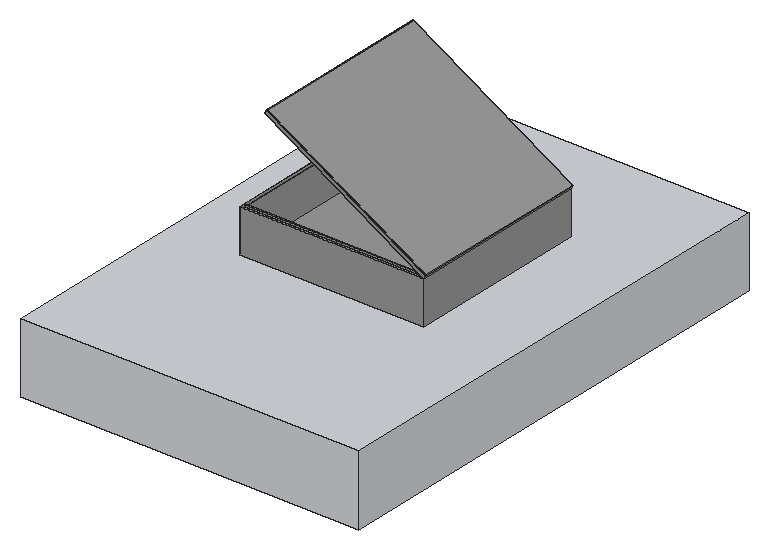
Revit family "Hager-Univers-IP44-D205-H800-Cl.II-Encl-PL-en", category Equipement électrique, Revit 2020
Family settings
  Hôte = Face
  Configuration du panneau = Deux colonnes, circuits au sein
  Cote de connecteur circulaire = Utiliser le diamètre
  Type d'élément = Tableau de raccordement
  Couper avec des vides une fois chargée = Non
  Partagée = Non
  Point de calcul de pièce = Non
Parameters (values of type "Surface mounted (plaster) IP44 W800 H800 D205  - FP53SN2")
  Width Control [instance] = if([EF000008 - Width] > Min Width, [EF000008 - Width], Min Width)  # 800 mm
  Commentaires du type = [HG000003 - Range]  # "Univers"
  Thickness Door [instance] = if([EF009171 - Material plate thickness door/cover] > 3 mm, 3 mm, [EF009171 - Material plate thickness door/cover])  # 1 mm
  Seal Frame Offset [instance] = 17 mm  # constant formula
  Plinth Visibility [instance] = [HG000027 - Plinth height] > 0 mm  # no
  Model = ""
  Min Width [instance] = 100 mm  # constant formula
  Min Height [instance] = 100 mm  # constant formula
  Min Depth [instance] = (2 * [EF009170 - Material plate thickness cabinet]) + 1 mm  # 3 mm
  Internal Frame Depth [instance] = (Door System Depth * 0.5)  # 9 mm
  Height Control [instance] = if([EF000040 - Height] > Min Height, [EF000040 - Height], Min Height)  # 800 mm
  HG000027 - Plinth height = 0 mm
  HG000026 - Floor standing = no
  HG000024 - Bottom section height = 800 mm
  HG000023 - Double section enclosure = no
  HG000016 - Door 3d visibility [instance] = yes
  HG000015 - Clearance visibility [instance] = no
  HG000014 - Door on the right [instance] = yes
  HG000013 - Door on the left [instance] = not([HG000014 - Door on the right])  # no
  HG000012 - Door swing angle [instance] = 30.00°
  HG000010 - Asymmetric doors = no
  HG000009 - Double swing door = no
  HG000006 - Flush mounted = no
  HG000004 - Manufacturer reference = "FP53SN2"
  HG000003 - Range = "Univers"
  HG000002 - With door or cover = yes
  Frame Offset Bottom [instance] = 10 mm  # constant formula
  Frame Offset [instance] = 15 mm  # constant formula
  EF015940 - Cover with overpressure release = no
  EF011959 - Degree of protection (NEMA) = ""
  EF009554 - Number of openings for flange plates = 6
  EF009212 - Cover model = "EV000116 - Closed"
  EF009171 - Material plate thickness door/cover = 1 mm
  EF009170 - Material plate thickness cabinet = 1 mm
  Fabricant = "Hager"  # constant formula
  EF008873 - Nominal current (In) = 250 A
  EF007800 - Suitable for lightning protection = no
  EF006306 - With lock = no
  EF006244 - Transparent cover/door = no
  EF005474 - Degree of protection (IP) = "EV006418 - IP44"
  EF004464 - Type of door = "EV002646 - Single"
  EF004427 - Number of modules = 180
  EF004293 - Impact strength = "EV006815 - IK09"
  EF003532 - Suitable for outdoor use = no
  EF002950 - Width in number of modular spacings = 36
  EF001613 - Circuit integrity = "EV000494 - None"
  EF001596 - Material housing = "EV000179 - Steel"
  EF001131 - Internal depth = 130 mm
  EF001088 - Extension possible = yes
  EF000437 - Number of conduit inlets = 6
  EF000339 - Type of cover = "EV004216 - Door"
  EF000266 - Number of rows = 5
  EF000218 - Built-in depth = 205 mm
  EF000118 - With mounting plate = no
  EF000116 - RAL-number = "9010"
  EF000049 - Depth = 205 mm
  EF000040 - Height = 800 mm
  EF000008 - Width = 800 mm
  EF000007 - Colour = "EV000202 - White"
  EF000003 - Mounting method = "EV000384 - Surface mounted (plaster)"
  Door System Leaf Tolerance [instance] = 1.5 mm  # constant formula
  Door System Depth [instance] = 18 mm  # constant formula
  Door Height [instance] = Height Control - [HG000027 - Plinth height]  # 800 mm
  Depth Control [instance] = if([EF000049 - Depth] > Min Depth, [EF000049 - Depth], Min Depth)  # 205 mm
  Default Elevation = 0 mm
  Connector Offset [instance] = Height Control / 2  # 400 mm
  Bottom Top Plate Trim [instance] = 1.5 mm  # constant formula
  Plinth height Ctrl [instance] = if([HG000027 - Plinth height] > 0 mm, [HG000027 - Plinth height], 12 mm)  # 12 mm
Types (5, lengths in mm): name | Width Control | HG000010 - Asymmetric doors | HG000009 - Double swing door | HG000004 - Manufacturer reference | EF009554 - Number of openings for flange plates | EF004464 - Type of door | EF004427 - Number of modules | EF002950 - Width in number of modular spacings | EF000437 - Number of conduit inlets | EF000339 - Type of cover | EF000008 - Width
  Surface mounted (plaster) IP44 W1050 H800 D205  - FP54SN2 | 1050 | no | yes | "FP54SN2" | 8 | "EV003602 - Double" | 240 | 48 | 8 | "EV004216 - Door" | 1050
  Surface mounted (plaster) IP44 W1300 H800 D205  - FP55SN2 | 1300 | yes | yes | "FP55SN2" | 10 | "EV003602 - Double" | 300 | 60 | 10 | "EV004216 - Door" | 1300
  Surface mounted (plaster) IP44 W300 H800 D205  - FP51SN2 | 300 | no | no | "FP51SN2" | 2 | "EV002646 - Single" | 60 | 12 | 2 | "EV001012 - Cover" | 300
  Surface mounted (plaster) IP44 W550 H800 D205  - FP52SN2 | 550 | no | no | "FP52SN2" | 4 | "EV002646 - Single" | 120 | 24 | 4 | "EV001012 - Cover" | 550
  Surface mounted (plaster) IP44 W800 H800 D205  - FP53SN2 | 800 | no | no | "FP53SN2" | 6 | "EV002646 - Single" | 180 | 36 | 6 | "EV004216 - Door" | 800
Reference planes
  plane 1 "Center (Front/Back)": y = 0
  plane 2: z = 0
  plane 3 "Center (Left/Right)": x = 0
  plane 4: z = 205
  plane 5: y = 1
  plane 6: y = 400
  plane 7: y = 0
  plane 8: y = 800
  plane 9: z = 0
  plane 10: x = -385
  plane 11: x = 385
  plane 12: x = 384
  plane 13: x = -384
  plane 14: y = 799
  plane 15: x = -383
  plane 16: x = -400
  plane 17: x = 383
  plane 18: x = 400
  plane 19: x = 399
  plane 20: x = -399
  plane 21: y = 11
  plane 22: y = 800
  plane 23: y = 784
  plane 24: z = 187
  plane 25: z = 1
  plane 26: z = 186
  plane 27: z = 204
Forms (mm)
  Extrusion 1, solid
    sketch origin (0, 0, 0) x (1, 0, 0) y (0, 1, 0)
      loop
        line (-702.964, 1305) -> (-702.964, -811.445) -> (766.763, -811.445) -> (766.763, 1305) -> (-702.964, 1305)
    from 0 to -304.8
  Extrusion 2, solid, material "Hager_Steel_RAL7035_Light_Grey", visible <- "Plinth Visibility", detail levels medium+fine
    sketch origin (0, 0, 0) x (1, 0, 0) y (0, 1, 0)
      loop
        line (-400, 0) -> (400, 0) -> (400, 12) -> (-400, 12) -> (-400, 0)
    from 0 to 187
  Extrusion 3, solid, material "Hager_Steel_RAL7035_Light_Grey", detail levels medium+fine
    sketch origin (0, 0, 0) x (1, 0, 0) y (0, 1, 0)
      loop
        line (-400, 0) -> (400, 0) -> (400, 800) -> (-400, 800) -> (-400, 0)
    from 0 to 187
  Extrusion 4, void
    sketch origin (0, 0, 0) x (1, 0, 0) y (0, 1, 0)
      loop
        line (-399, 1) -> (399, 1) -> (399, 799) -> (-399, 799) -> (-399, 1)
    from 1 to 186
  Extrusion 5, void
    sketch origin (-381.607, -4572, 187) x (0, -1, 0) y (-1, 0, 0)
      loop
        line (-4583, 2.393) -> (-5356, 2.393) -> (-5356, -765.607) -> (-4583, -765.607) -> (-4583, 2.393)
    from 0 to 1 <- "EF009170 - Material plate thickness cabinet"
  Extrusion 6, solid, material "Hager_Steel_RAL7035_Light_Grey", detail levels fine
    sketch origin (0, 0, 187) x (1, 0, 0) y (0, 1, 0)
      loop
        line (-384, 784) -> (-384, 11) -> (384, 11) -> (384, 784) -> (-384, 784)
      loop
        line (-385, 10) -> (385, 10) -> (385, 785) -> (-385, 785) -> (-385, 10)
    from 0 to 9 <- "Internal Frame Depth"
  Extrusion 7, solid, material "Hager_Steel_RAL7035_Light_Grey", detail levels coarse
    sketch origin (0, 0, 0) x (1, 0, 0) y (0, 1, 0)
      loop
        line (-400, 0) -> (400, 0) -> (400, 800) -> (-400, 800) -> (-400, 0)
    from 0 to 205
  Sweep 8, void
    path in 3D
      loop
        line (-400, 12, 0) -> (400, 12, 0) -> (400, 12, 187) -> (-400, 12, 187) -> (-400, 12, 0)
    profile origin (-400, 12, 93.5) x (-1, 0, 0) y (0, -1, 0)
      loop
        line (0, 0) -> (0, 1.5) -> (-1.5, 1.5)
        arc (-1.5, 1.5) -> (-1.061, 0.439) -> (0, 0) r 1.5
Cuts and joins
  Extrusion 4, Extrusion 5 cuts Extrusion 3
  Sweep 8 cuts Extrusion 2
Lines and regions (mm)
  Masking region 1
    outline origin (0, 0, 0) x (1, 0, 0) y (0, 0, 1)
      loop
        line (-400, 205) -> (-400, 0) -> (400, 0) -> (400, 205) -> (-400, 205)
  Masking region 2, detail levels medium+fine
    outline origin (0, 140, 0) x (0, 1, 0) y (0, 0, 1)
      loop
        line (-140, 0) -> (660, 0) -> (660, 187) -> (-140, 187) -> (-140, 0)
  Masking region 3, not visible, detail levels medium+fine
    outline origin (0, 297.922, 0) x (0, 1, 0) y (0, 0, 1)
      loop
        line (113.578, 0) -> (153.578, 0) -> (153.578, 194)
        arc (153.578, 194) -> (150.649, 201.071) -> (143.578, 204) r 10
        line (143.578, 204) -> (113.578, 204) -> (113.578, 0)
  Masking region 4, detail levels coarse
    outline origin (0, 0, 180) x (0, 1, 0) y (0, 0, 1)
      loop
        line (0, -180) -> (800, -180) -> (800, 25) -> (0, 25) -> (0, -180)
  Masking region 5, visible <- "Plinth Visibility", detail levels medium+fine
    outline origin (0, 52.24, 12.345) x (0, 0, -1) y (0, 1, 0)
      loop
        line (10.845, -40.24) -> (-173.155, -40.24)
        arc (-173.155, -40.24) -> (-173.594, -41.301) -> (-174.655, -41.74) r 1.5
        line (-174.655, -41.74) -> (-174.655, -52.24) -> (12.345, -52.24) -> (12.345, -41.74)
        arc (12.345, -41.74) -> (11.285, -41.301) -> (10.845, -40.24) r 1.5
  Masking region 6, detail levels medium+fine
    outline origin (-381.607, -4572, 187) x (-1, 0, 0) y (0, -1, 0)
      loop
        line (18.393, -5372) -> (18.393, -4572) -> (-781.607, -4572) -> (-781.607, -5372) -> (18.393, -5372)
  Masking region 7, visible <- "Plinth Visibility", detail levels medium+fine
    outline origin (-381.607, -4727, 187) x (-1, 0, 0) y (0, -1, 0)
      loop
        arc (16.893, -4739) -> (17.332, -4737.939) -> (18.393, -4737.5) r 1.5
        line (18.393, -4737.5) -> (18.393, -4727) -> (-781.607, -4727) -> (-781.607, -4737.5)
        arc (-781.607, -4737.5) -> (-780.546, -4737.939) -> (-780.107, -4739) r 1.5
        line (-780.107, -4739) -> (16.893, -4739)
  Masking region 8, detail levels coarse
    outline origin (-442.548, -4669.526, 187) x (-1, 0, 0) y (0, -1, 0)
      loop
        line (-42.548, -5469.526) -> (-42.548, -4669.526) -> (-842.548, -4669.526) -> (-842.548, -5469.526) -> (-42.548, -5469.526)
  sketch lines
    curve 1: line (-400, 12, 187) -> (-400, 12, 0)
    curve 2: line (400, 12, 187) -> (-400, 12, 187)
    curve 3: line (400, 12, 187) -> (400, 12, 0)
    curve 4: line (-400, 12, 0) -> (400, 12, 0)
Dimensions and locks
  "Depth Control": plane 4 to Extrusion 1
  "HG000027 - Plinth height": plane 1 "Center (Front/Back)" to plane 7
  "EF009170 - Material plate thickness cabinet": plane 5 to plane 7
  locked: connector elem to plane 3 "Center (Left/Right)"
  equal spacing: plane 8, plane 6, plane 7
  locked: connector elem to plane 6
  "EF009170 - Material plate thickness cabinet": plane 8 to plane 14
  "EF009170 - Material plate thickness cabinet": plane 10 to plane 13
  "EF009170 - Material plate thickness cabinet": plane 12 to plane 11
  "Frame Offset": plane 20 to plane 13
  "Frame Offset": plane 12 to plane 19
  "EF009170 - Material plate thickness cabinet": plane 16 to plane 20
  "EF009170 - Material plate thickness cabinet": plane 19 to plane 18
  "Seal Frame Offset": plane 16 to plane 15
  "Seal Frame Offset": plane 17 to plane 18
  "Frame Offset Bottom": plane 21 to plane 5
  "Frame Offset": plane 14 to plane 23
  equal spacing: plane 16, plane 3 "Center (Left/Right)", plane 18
  "Width Control": plane 16 to plane 18
  "EF009170 - Material plate thickness cabinet": plane 4 to plane 27
  "EF009170 - Material plate thickness cabinet": plane 24 to plane 26
  "EF009170 - Material plate thickness cabinet": plane 25 to level
  "Door System Depth": plane 4 to plane 24
  "Height Control": plane 1 "Center (Front/Back)" to Extrusion 7 sketch curve
  "Height Control": Masking region 4 sketch curve to plane 1 "Center (Front/Back)"
  "Height Control": plane 1 "Center (Front/Back)" to plane 22
  "Bottom Top Plate Trim": profile plane to Sweep 8 sketch curve
  "Bottom Top Plate Trim": Sweep 8 sketch curve to profile plane
  "Plinth height Ctrl": plane 1 "Center (Front/Back)" to Extrusion 2 sketch curve
  "Plinth height Ctrl": Masking region 5 sketch curve to plane 1 "Center (Front/Back)"
  "Plinth height Ctrl": plane 1 "Center (Front/Back)" to Masking region 7 sketch curve
  "Thickness Door": Extrusion 6 sketch curve to Extrusion 6 sketch curve  (x3)
  "Thickness Door": cut or joined group of Extrusion 3, Extrusion 4, Extrusion 5 to Extrusion 6 sketch curve
  radius of Masking region 3 sketch curve = 10 mm
  "Bottom Top Plate Trim": radius of Masking region 5 sketch curve  (x2)
  "Bottom Top Plate Trim": radius of Sweep 8 sketch curve
  "Bottom Top Plate Trim": radius of Masking region 7 sketch curve  (x2)
  aligned and locked: plane 2 to Extrusion 1
  aligned and locked: level to Extrusion 1
  aligned and locked: level to Masking region 1 sketch curve
  aligned and locked: Masking region 1 sketch curve to plane 18
  aligned and locked: Masking region 1 sketch curve to plane 16
  aligned and locked: plane 7 to Masking region 2 sketch curve
  aligned and locked: level to Masking region 3 sketch curve
  aligned and locked: Masking region 3 sketch curve to plane 27
  aligned and locked: level to Masking region 2 sketch curve
  aligned and locked: plane 1 "Center (Front/Back)" to Extrusion 2 sketch curve
  aligned and locked: Extrusion 3 sketch curve to plane 7
  aligned and locked: plane 16 to Extrusion 3 sketch curve
  aligned and locked: plane 18 to Extrusion 3 sketch curve
  aligned and locked: plane 20 to Extrusion 4 sketch curve
  aligned and locked: plane 19 to Extrusion 4 sketch curve
  aligned and locked: Extrusion 4 sketch curve to plane 5
  aligned and locked: Extrusion 4 to plane 25
  aligned and locked: plane 26 to Extrusion 4
  aligned and locked: plane 24 to Extrusion 3
  aligned and locked: Extrusion 5 sketch curve to plane 21
  aligned and locked: Extrusion 5 sketch curve to plane 13
  aligned and locked: Extrusion 5 sketch curve to plane 12
  aligned and locked: plane 18 to Extrusion 7 sketch curve
  aligned and locked: plane 1 "Center (Front/Back)" to Extrusion 7 sketch curve
  aligned and locked: plane 16 to Extrusion 7 sketch curve
  aligned and locked: plane 4 to Extrusion 7
  aligned and locked: Extrusion 7 to level
  aligned and locked: level to Masking region 4 sketch curve
  aligned and locked: Masking region 4 sketch curve to plane 1 "Center (Front/Back)"
  aligned and locked: Masking region 4 sketch curve to plane 4
  aligned and locked: nested 1 to level
  aligned and locked: nested 1 to plane 16
  aligned and locked: plane 8 to Extrusion 3 sketch curve
  aligned and locked: plane 23 to Extrusion 5 sketch curve
  aligned and locked: plane 14 to Extrusion 4 sketch curve
  aligned and locked: Masking region 2 sketch curve to plane 8
  aligned and locked: level to Masking region 5 sketch curve
  aligned and locked: plane 16 to Extrusion 2 sketch curve
  aligned and locked: plane 18 to Extrusion 2 sketch curve
  aligned and locked: Masking region 5 sketch curve to plane 24
  aligned and locked: Masking region 2 sketch curve to plane 24
  aligned and locked: plane 24 to Extrusion 2
  aligned and locked: profile plane to Sweep 8 sketch curve  (x2)
  aligned and locked: Masking region 6 sketch curve to plane 18
  aligned and locked: Masking region 6 sketch curve to plane 22
  aligned and locked: Masking region 6 sketch curve to plane 16
  aligned and locked: plane 8 to plane 22
  aligned and locked: Masking region 6 sketch curve to plane 7
  aligned and locked: Masking region 7 sketch curve to plane 16
  aligned and locked: Masking region 7 sketch curve to plane 1 "Center (Front/Back)"
  aligned and locked: Masking region 7 sketch curve to plane 18
  aligned and locked: Masking region 8 sketch curve to plane 1 "Center (Front/Back)"
  aligned and locked: Masking region 8 sketch curve to plane 18
  aligned and locked: Masking region 8 sketch curve to plane 22
  aligned and locked: Masking region 8 sketch curve to plane 16
  aligned and locked: nested 2 to plane 7
  aligned and locked: plane 3 "Center (Left/Right)" to nested 2
  aligned and locked: nested 2 to plane 24
  aligned and locked: Extrusion 6 sketch curve to cut or joined group of Extrusion 3, Extrusion 4, Extrusion 5  (x4)
Automatic sketch dimensions
  Extrusion 1 sketch curve to Extrusion 1 sketch curve = 1469.727 mm
  Extrusion 1 sketch curve to Extrusion 1 sketch curve = 2116.445 mm
  Masking region 1 sketch curve to plane 4 = 0 mm
  plane 6 to Masking region 3 sketch curve = 11.5 mm
  Masking region 3 sketch curve to Masking region 3 sketch curve = 30 mm
  Masking region 5 sketch curve to plane 1 "Center (Front/Back)" = 0 mm
Nested families
  nested 1: "Hager_Enclosure_Symbol" at (-400, 0, 0) x (1, 0, 0) z (0, -1, 0), Height <- "Depth Control", Width <- "Width Control", type "Hager_Enclosure_Symbol"
    with Width_Ctrl 800 mm, Width 800 mm, Height_Ctrl 205 mm, Height 205 mm, A_Width_Int 13.453 mm, A_Width 161.438 mm, A_Height_Ctrl 179.375 mm, A_Height 179.375 mm
  nested 2: "EC000058_Univers_Door" at (0, 0, 187) x (1, 0, 0) z (0, 1, 0), Leaf_Tolerance <- "Door System Leaf Tolerance", Angle <- "HG000012 - Door swing angle", Door_Depth <- "Door System Depth", Door_Left <- "HG000013 - Door on the left", Transparent <- "EF006244 - Transparent cover/door", Assymetrical <- "HG000010 - Asymmetric doors", Width <- "Width Control", Clearance <- "HG000015 - Clearance visibility", Double <- "HG000009 - Double swing door", 3d_Door <- "HG000016 - Door 3d visibility", Lock_Visibility <- "EF006306 - With lock", Width_Ctrl <- "Width Control", Door_Right <- "HG000014 - Door on the right", Door <- "HG000002 - With door or cover", Height <- "Door Height", Thickness <- "Thickness Door", type "EC000058_Univers_Door", detail levels medium+fine
    with min_wh 3 mm, Width_Ctrl 800 mm, Width 800 mm, Transparent no, Thickness 1 mm, Seal_Material Hager_Rubber, Lock_Visibility no, Lock_Material Hager_Plastic_RAL9005_Jet_Black, Leaf_Width 800 mm, Leaf_Tolerance_External_Sides 0 mm, Leaf_Tolerance 1.5 mm, Leaf_Offset 0 mm, Leaf_Height 797 mm, Leaf_2_Width 800 mm, Leaf_2_Offset 400 mm, Leaf_1_Width 800 mm, Leaf_1_Offset 400 mm, Height_Ctrl 800 mm, Height 800 mm, Glass_Material Hager_Glass, Double_Clearance_Ctrl no, Double no, Door_Right_Ctrl yes, Door_Right yes, Door_Material Hager_Steel_RAL7035_Light_Grey, Door_Left_Ctrl no, Door_Left no, Door_Depth 18 mm, Door yes, Clearance_Material Hager_Clearance, Clearance_Depth 800 mm, Clearance_Ctrl no, Clearance no, Assymetrical no, Angle 30.00°, 3d_Door yes
Connectors
  electrical at (0, 400, 0)
    settings: on plane 9, index 1, voltage 0 V, apparent load 0 VA, apparent load phase1 0 VA, apparent load phase2 0 VA, apparent load phase3 0 VA, power factor 1, load classification "Other", number of poles 1, system type 30, power factor state 1, is connector primary yes, connector utility no, sub classification motor no, connector description ""
Definition of nested family "EC000058_Univers_Door"
  Parameters (values of type "EC000058_Univers_Door")
    min_wh [instance] = (2 * Thickness) + 1 mm  # 11 mm
    Width_Ctrl [instance] = 400 mm
    Width [instance] = 500 mm
    Transparent [instance] = yes
    Thickness [instance] = 5 mm
    Seal_Material [instance] = none
    Lock_Visibility [instance] = yes
    Lock_Material [instance] = none
    Leaf_Width [instance] = if((Width_Ctrl - 2 * Leaf_Tolerance_External_Sides) > 0 mm, (Width_Ctrl - 2 * Leaf_Tolerance_External_Sides), min_wh)  # 400 mm
    Leaf_Tolerance_External_Sides [instance] = 0 mm  # constant formula
    Leaf_Tolerance [instance] = 1.5 mm
    Leaf_Offset [instance] = 0 mm  # constant formula
    Leaf_Height [instance] = if((Height_Ctrl - 2 * Leaf_Tolerance) > 0 mm, (Height_Ctrl - 2 * Leaf_Tolerance), min_wh)  # 497 mm
    Leaf_2_Width [instance] = if(and(and(Double, Assymetrical), Door_Left), (Leaf_Width / 3) - (Leaf_Tolerance / 2), if(and(and(Double, Assymetrical), Door_Right), (Leaf_Width / 3) * 2 - (Leaf_Tolerance / 2), if(and(Double, not(Assymetrical)), (Leaf_Width / 2) - Leaf_Tolerance, Leaf_Width)))  # 400 mm
    Leaf_2_Offset [instance] = if(and(Double, Assymetrical), Leaf_2_Width / 2, if(and(Double, not(Assymetrical)), Leaf_Width / 4, Leaf_Width / 2))  # 200 mm
    Leaf_1_Width [instance] = if(and(and(Double, Assymetrical), Door_Right), (Leaf_Width / 3) - (Leaf_Tolerance / 2), if(and(and(Double, Assymetrical), Door_Left), (Width / 3) * 2 - (Leaf_Tolerance / 2), if(and(Double, not(Assymetrical)), (Leaf_Width / 2) - Leaf_Tolerance, Leaf_Width)))  # 400 mm
    Leaf_1_Offset [instance] = if(and(Double, Assymetrical), Leaf_1_Width / 2, if(and(Double, not(Assymetrical)), Leaf_Width / 4, Leaf_Width / 2))  # 200 mm
    Height_Ctrl [instance] = if(Height > min_wh, Height, min_wh)  # 500 mm
    Height [instance] = 500 mm
    Glass_Material [instance] = none
    Double_Clearance_Ctrl [instance] = and(Double, Clearance)  # no
    Double [instance] = no
    Door_Right_Ctrl [instance] = and(or(Door_Right, Double), Door)  # yes
    Door_Right [instance] = yes
    Door_Material [instance] = none
    Door_Left_Ctrl [instance] = and(or(Door_Left, Double), Door)  # no
    Door_Left [instance] = no
    Door_Depth [instance] = 30 mm
    Door [instance] = yes
    Default Elevation = 1219.2 mm
    Clearance_Material [instance] = none
    Clearance_Depth [instance] = if(Leaf_1_Width > Leaf_2_Width, Leaf_1_Width, Leaf_2_Width)  # 400 mm
    Clearance_Ctrl [instance] = and(not(Double), Clearance)  # yes
    Clearance [instance] = yes
    Assymetrical [instance] = yes
    Angle [instance] = 30.00°
    3d_Door [instance] = yes
  Reference planes
    plane 1 "Center (Front/Back)": y = 0
    plane 2 "Bottom": z = 0
    plane 3 "Center (Left/Right)": x = 0
    plane 4: z = 500
    plane 5: x = -200
    plane 6: x = 200
    plane 7: z = 500
    plane 8: x = -200
    plane 9: z = 0
    plane 10: x = 200
    plane 11: y = 0
    plane 12: z = 1.5
    plane 13: x = -600
    plane 14: y = -400
    plane 15: x = 600
    plane 16: x = 0
    plane 17: x = 0
    plane 18: x = -200
    plane 19: x = 200
    plane 20: z = 498.5
  Forms (mm)
    Extrusion 1, solid, material <- "Clearance_Material", visible <- "Double_Clearance_Ctrl"
      sketch origin (1200, 0, 0) x (1, 0, 0) y (0, 0, -1)
        loop
          line (-1800, -498.5) -> (-600, -498.5) -> (-600, 0) -> (-1800, 0) -> (-1800, -498.5)
      from 0 to -400
  Dimensions and locks
    equal spacing: plane 5, plane 3 "Center (Left/Right)", plane 6
    "Width_Ctrl": plane 5 to plane 6
    "Leaf_Offset": plane 5 to plane 8
    "Leaf_Offset": plane 6 to plane 10
    "Leaf_Offset": plane 9 to level
    "Leaf_Offset": plane 4 to plane 7
    "Height_Ctrl": plane 4 to level
    "Leaf_Tolerance": plane 12 to plane 9
    locked: plane 11 to plane 1 "Center (Front/Back)"
    "Leaf_1_Offset": plane 18 to plane 16
    "Leaf_2_Offset": plane 17 to plane 19
    "Leaf_1_Width": plane 13 to plane 8
    "Leaf_2_Width": plane 10 to plane 15
    "Clearance_Depth": plane 14 to plane 1 "Center (Front/Back)"
    "Leaf_Tolerance_External_Sides": plane 8 to plane 18
    "Leaf_Tolerance_External_Sides": plane 19 to plane 10
    "Leaf_Tolerance": plane 7 to plane 20
    aligned and locked: level to plane 2 "Bottom"
    aligned and locked: nested 1 to plane 16
    aligned and locked: nested 2 to plane 17
    aligned and locked: Extrusion 1 to plane 13
    aligned and locked: plane 15 to Extrusion 1
    aligned and locked: Extrusion 1 to plane 14
    aligned and locked: plane 12 to nested 1
    aligned and locked: nested 2 to plane 12
    aligned and locked: Extrusion 1 to plane 11
    aligned and locked: plane 20 to Extrusion 1
    aligned and locked: nested 2 to plane 11
    aligned and locked: nested 1 to plane 11
  Automatic sketch dimensions
    Extrusion 1 sketch curve to level = 0 mm
    plane 5 to Extrusion 1 sketch curve = 400 mm
    plane 6 to Extrusion 1 sketch curve = 400 mm
    Extrusion 1 sketch curve to plane 4 = 1.5 mm
  Nested families
    nested 1: "EC000058_Univers_Door_Leaf" at (0, 0, 1.5), Width <- "Leaf_1_Width", visible <- "Door_Left_Ctrl", Leaf_Height <- "Leaf_Height", Angle <- "Angle", 3d_Door <- "3d_Door", Transparent <- "Transparent", Clearance Material <- "Clearance_Material", Clearance <- "Clearance_Ctrl", Door_Material <- "Door_Material", Glass_Material <- "Glass_Material", Door_Depth <- "Door_Depth", Lock_Material <- "Lock_Material", Seal_Material <- "Seal_Material", Lock_Visibility <- "Lock_Visibility", Thickness <- "Thickness", type "EC000058_Univers_Door_Leaf"
      with Width 400 mm, Transparent_Glass_Offset 30 mm, Transparent_Ctrl yes, Transparent yes, Thickness 5 mm, Standard no, Seal_Material none, Seal_D2 8 mm, Seal_D1 1 mm, Offset_Internal_Frame 10 mm, Lock_Width 20 mm, Lock_Visibility_3d yes, Lock_Visibility yes, Lock_Thickness_3 3 mm, Lock_Thickness_2 1 mm, Lock_Thickness_1 3 mm, Lock_Radius_Offset_2 16 mm, Lock_Radius_Offset_1 15 mm, Lock_Radius_2 5 mm, Lock_Radius 6 mm, Lock_Offset 5 mm, Lock_Material none, Lock_Height 80 mm, Lock_Cover_Top_Offset_2d 17 mm, Lock_Cover_Height -65 mm, Leaf_Height 497 mm, Internal_Seal_Thickness 8 mm, Internal_Seal_Depth_2 4.5 mm, Internal_Frame_Depth 25 mm, Glass_Thickness -1 mm, Glass_Offset -2 mm, Glass_Material none, Door_Material none, Door_Depth 30 mm, Clearance Material none, Clearance yes, Angle_Ctrl 30.00°, Angle 30.00°, 3d_Door yes
    nested 2: "EC000058_Univers_Door_Leaf" at (0, 0, 1.5) x (-1, 0, 0) z (0, 0, 1), Width <- "Leaf_2_Width", visible <- "Door_Right_Ctrl", Leaf_Height <- "Leaf_Height", Angle <- "Angle", 3d_Door <- "3d_Door", Transparent <- "Transparent", Clearance Material <- "Clearance_Material", Clearance <- "Clearance_Ctrl", Door_Material <- "Door_Material", Glass_Material <- "Glass_Material", Door_Depth <- "Door_Depth", Lock_Material <- "Lock_Material", Seal_Material <- "Seal_Material", Lock_Visibility <- "Lock_Visibility", Thickness <- "Thickness", type "EC000058_Univers_Door_Leaf"
      with Width 400 mm, Transparent_Glass_Offset 30 mm, Transparent_Ctrl yes, Transparent yes, Thickness 5 mm, Standard no, Seal_Material none, Seal_D2 8 mm, Seal_D1 1 mm, Offset_Internal_Frame 10 mm, Lock_Width 20 mm, Lock_Visibility_3d yes, Lock_Visibility yes, Lock_Thickness_3 3 mm, Lock_Thickness_2 1 mm, Lock_Thickness_1 3 mm, Lock_Radius_Offset_2 16 mm, Lock_Radius_Offset_1 15 mm, Lock_Radius_2 5 mm, Lock_Radius 6 mm, Lock_Offset 5 mm, Lock_Material none, Lock_Height 80 mm, Lock_Cover_Top_Offset_2d 17 mm, Lock_Cover_Height -65 mm, Leaf_Height 497 mm, Internal_Seal_Thickness 8 mm, Internal_Seal_Depth_2 4.5 mm, Internal_Frame_Depth 25 mm, Glass_Thickness -1 mm, Glass_Offset -2 mm, Glass_Material none, Door_Material none, Door_Depth 30 mm, Clearance Material none, Clearance yes, Angle_Ctrl 30.00°, Angle 30.00°, 3d_Door yes
  Definition of nested family "EC000058_Univers_Door_Leaf"
    Parameters (values of type "EC000058_Univers_Door_Leaf")
      Width [instance] = 2000 mm
      Transparent_Glass_Offset [instance] = 30 mm
      Transparent_Ctrl [instance] = and(Transparent, [3d_Door])  # yes
      Transparent [instance] = yes
      Thickness [instance] = 5 mm
      Standard [instance] = and(not(Transparent), [3d_Door])  # no
      Seal_Material [instance] = none
      Seal_D2 [instance] = 8 mm  # constant formula
      Seal_D1 [instance] = 1 mm  # constant formula
      Offset_Internal_Frame [instance] = 10 mm  # constant formula
      Lock_Width [instance] = 20 mm  # constant formula
      Lock_Visibility_3d [instance] = and(Lock_Visibility, [3d_Door])  # yes
      Lock_Visibility [instance] = yes
      Lock_Thickness_3 [instance] = 3 mm  # constant formula
      Lock_Thickness_2 [instance] = 1 mm  # constant formula
      Lock_Thickness_1 [instance] = 3 mm  # constant formula
      Lock_Radius_Offset_2 [instance] = Lock_Radius_Offset_1 + 1 mm  # 16 mm
      Lock_Radius_Offset_1 [instance] = 15 mm  # constant formula
      Lock_Radius_2 [instance] = Lock_Radius - 1 mm  # 5 mm
      Lock_Radius [instance] = 6 mm  # constant formula
      Lock_Offset [instance] = 5 mm  # constant formula
      Lock_Material [instance] = none
      Lock_Height [instance] = 80 mm  # constant formula
      Lock_Cover_Top_Offset_2d [instance] = Lock_Radius_Offset_2 + 1 mm  # 17 mm
      Lock_Cover_Height [instance] = -(Lock_Height - Lock_Radius_Offset_1)  # -65 mm
      Leaf_Height [instance] = 2720.336 mm
      Internal_Seal_Thickness [instance] = 8 mm  # constant formula
      Internal_Seal_Depth_2 [instance] = 4.5 mm  # constant formula
      Internal_Frame_Depth [instance] = if(Door_Depth - Thickness > 5 mm, Door_Depth - Thickness, 5 mm)  # 25 mm
      Glass_Thickness [instance] = if(Thickness > 15 mm, Glass_Offset + 10 mm, -1 mm)  # -1 mm
      Glass_Offset [instance] = if(Thickness > 15 mm, -(Thickness + 10 mm) / 2, -2 mm)  # -2 mm
      Glass_Material [instance] = none
      Door_Material [instance] = none
      Door_Depth [instance] = 30 mm
      Default Elevation = 0 mm
      Clearance Material [instance] = none
      Clearance [instance] = yes
      Angle_Ctrl [instance] = if(Angle > 180.00°, 180.00°, Angle)  # 90.00°
      Angle [instance] = 90.00°
      3d_Door [instance] = yes
    Reference planes
      plane 1 "Center (Front/Back)": y = 0
      plane 2: z = 0
      plane 3 "Center (Left/Right)": x = 0
      plane 4: y = 2000
      plane 5: x = -1000
      plane 6: x = 1000
      plane 7: x = -3000
      plane 8: z = 2720.336
      plane 9: z = 30
      plane 10: z = 2690.336
      plane 11: x = 970
      plane 12: x = -970
      plane 13: y = -3
      plane 14: z = 107.833
      plane 15: y = -5
      plane 16: y = -223.314
      plane 17: x = -1000
      plane 18: z = 1360.168
      plane 19: y = 30
    Forms (mm)
      Extrusion 1, solid, material <- "Clearance Material", visible <- "Clearance"
        sketch origin (0, 0, 0) x (1, 0, 0) y (0, 0, 1)
          loop
            line (-3000, 2720.336) -> (-3000, 0) -> (1000, 0) -> (1000, 2720.336) -> (-3000, 2720.336)
        from 0 to -2000
      Extrusion 2, solid, material <- "Door_Material", visible <- "Standard", detail levels medium+fine
        sketch origin (-1000, 0, 0) x (0, 1, 0) y (-1, 0, 0)
          loop
            line (0, 30) -> (0, 25) -> (2000, 25) -> (2000, 30) -> (0, 30)
        from 0 to 2720.336 <- "Leaf_Height"
      Extrusion 3, solid, material <- "Door_Material", visible <- "Transparent_Ctrl", detail levels medium+fine
        sketch origin (-1000, 0, 0) x (0, 1, 0) y (-1, 0, 0)
          loop
            line (0, 25) -> (2000, 25) -> (2000, 30) -> (0, 30) -> (0, 25)
        from 0 to 2720.336 <- "Leaf_Height"
      Extrusion 4, void
        sketch origin (-1025, 2000, 0) x (0, 1, 0) y (0, 0, -1)
          loop
            line (-30, -2690.336) -> (-30, -30) -> (-1970, -30) -> (-1970, -2690.336) -> (-30, -2690.336)
        from 0 to 5 <- "Thickness"
      Sweep 5, solid, material <- "Seal_Material", visible <- "Transparent_Ctrl", detail levels fine
        path in 3D
          loop
            line (-1025, 30, 30) -> (-1025, 30, 2690.336) -> (-1025, 1970, 2690.336) -> (-1025, 1970, 30) -> (-1025, 30, 30)
        profile origin (-1025, 1000, 30) x (1, 0, 0) y (0, 0, 1)
          loop
            line (0, 0) -> (0, -8) -> (1, -8) -> (1, 0) -> (0, 0)
      Extrusion 6, solid, material <- "Glass_Material", visible <- "Transparent_Ctrl", detail levels medium+fine
        sketch origin (-1030, 0, 0) x (0, 1, 0) y (0, 0, -1)
          loop
            line (1970, -2690.336) -> (1970, -30) -> (30, -30) -> (30, -2690.336) -> (1970, -2690.336)
        from -2 <- "Glass_Offset" to -1 <- "Glass_Thickness"
      Extrusion 7, solid, material <- "Door_Material", visible <- "3d_Door", detail levels medium+fine
        sketch origin (-1025, 2000, 0) x (0, -1, 0) y (0, 0, -1)
          loop
            line (0, -2720.336) -> (2000, -2720.336) -> (2000, 0) -> (0, 0) -> (0, -2720.336)
          loop
            line (1995, -5) -> (5, -5) -> (5, -2715.336) -> (1995, -2715.336) -> (1995, -5)
        from 0 to 25 <- "Internal_Frame_Depth"
      Sweep 8, solid, material <- "Seal_Material", visible <- "Transparent_Ctrl", detail levels fine
        path in 3D
          loop
            line (-1025, 0, 0) -> (-1025, 2000, 0) -> (-1025, 2000, 2720.336) -> (-1025, 0, 2720.336) -> (-1025, 0, 0)
        profile origin (-1025, 0, 1360.168) x (1, 0, 0) y (0, 1, 0)
          loop
            line (0, 10) -> (2.975, 10)
            arc (2.975, 10) -> (4.053, 10.447) -> (4.5, 11.525) r 1.525
            line (4.5, 11.525) -> (4.5, 16.527)
            arc (4.5, 16.527) -> (4.069, 17.569) -> (3.027, 18) r 1.473
            line (3.027, 18) -> (0, 18) -> (0, 10)
      Extrusion 9, solid, material <- "Lock_Material", visible <- "Lock_Visibility_3d", detail levels fine
        sketch origin (-1030, 0, 0) x (0, 1, 0) y (0, 0, -1)
          loop
            arc (1993.5, -1400.168) -> (1994.561, -1399.729) -> (1995, -1398.668) r 1.5
            line (1995, -1398.668) -> (1995, -1320.168) -> (1975, -1320.168) -> (1975, -1398.668)
            arc (1975, -1398.668) -> (1975.439, -1399.729) -> (1976.5, -1400.168) r 1.5
            line (1976.5, -1400.168) -> (1993.5, -1400.168)
        from 3 <- "Lock_Thickness_1" to 0
      Blend 10, solid, material <- "Lock_Material", visible <- "Lock_Visibility_3d", detail levels fine
        base sketch origin (-1033, 0, 0) x (0, 1, 0) y (0, 0, -1)
          loop
            line (1975, -1320.168) -> (1975, -1398.668)
            arc (1975, -1398.668) -> (1975.439, -1399.729) -> (1976.5, -1400.168) r 1.5
            line (1976.5, -1400.168) -> (1993.5, -1400.168)
            arc (1993.5, -1400.168) -> (1994.561, -1399.729) -> (1995, -1398.668) r 1.5
            line (1995, -1398.668) -> (1995, -1320.168) -> (1975, -1320.168)
        top sketch origin (-1033, 0, 0) x (0, 1, 0) y (0, 0, -1)
          loop
            line (1976, -1320.168) -> (1976, -1398.668)
            arc (1976, -1398.668) -> (1976.146, -1399.022) -> (1976.5, -1399.168) r 0.5
            line (1976.5, -1399.168) -> (1993.5, -1399.168)
            arc (1993.5, -1399.168) -> (1993.854, -1399.022) -> (1994, -1398.668) r 0.5
            line (1994, -1398.668) -> (1994, -1320.168) -> (1976, -1320.168)
        from 0 to 1 <- "Lock_Thickness_2"
      Blend 11, solid, material <- "Lock_Material", visible <- "Lock_Visibility_3d", detail levels fine
        base sketch origin (-1034, 0, 0) x (0, 1, 0) y (0, 0, -1)
          loop
            line (1978, -1320.168) -> (1978, -1384.168)
            arc (1978, -1384.168) -> (1985, -1391.168) -> (1992, -1384.168) r 7
            line (1992, -1384.168) -> (1992, -1320.168) -> (1978, -1320.168)
        top sketch origin (-1034, 0, 0) x (0, 1, 0) y (0, 0, -1)
          loop
            line (1991, -1320.168) -> (1979, -1320.168) -> (1979, -1383.168)
            arc (1979, -1383.168) -> (1985, -1389.168) -> (1991, -1383.168) r 6
            line (1991, -1383.168) -> (1991, -1320.168)
        from 0 to 3 <- "Lock_Thickness_3"
      Extrusion 12, solid, material <- "Lock_Material", visible <- "Lock_Visibility_3d", detail levels fine
        sketch origin (-1030, 1975, 1320.168) x (1, 0, 0) y (0, -1, 0)
          loop
            line (-7, -19) -> (-7, -1) -> (0, -1) -> (0, 0) -> (-8, 0) -> (-8, -20) -> (0, -20) -> (0, -19) -> (-7, -19)
        from 0 to -65 <- "Lock_Cover_Height"
      Extrusion 13, void
        sketch origin (-1038, 1995, 1320.168) x (-1, 0, 0) y (0, 0, -1)
          loop
            line (-5, -65) -> (0, -65) -> (-5, -60) -> (-5, -65)
        from 0 to 20 <- "Lock_Width"
      Extrusion 14, void
        sketch origin (-1038, 1975, 1320.168) x (0, -1, 0) y (0, 0, -1)
          loop
            circle (-10, -15.995) r 6
          loop
            circle (-10, -15.995) r 5
        from 0 to 2
      Extrusion 15, solid, material <- "Lock_Material", visible <- "Lock_Visibility_3d", detail levels medium
        sketch origin (-1030, 0, 0) x (0, 1, 0) y (0, 0, -1)
          loop
            arc (1993.5, -1400.168) -> (1994.561, -1399.729) -> (1995, -1398.668) r 1.5
            line (1995, -1398.668) -> (1995, -1320.168) -> (1975, -1320.168) -> (1975, -1398.668)
            arc (1975, -1398.668) -> (1975.439, -1399.729) -> (1976.5, -1400.168) r 1.5
            line (1976.5, -1400.168) -> (1993.5, -1400.168)
        from 8 to 0
    Cuts and joins
      Extrusion 4 cuts Extrusion 3
      Extrusion 13, Extrusion 14 cuts Extrusion 9
      Extrusion 14 cuts Blend 11
      Extrusion 13, Extrusion 14 cuts Extrusion 12
      joined: Extrusion 9, Blend 10, Blend 11, Extrusion 12
      Extrusion 14 cuts Extrusion 15
    Lines and regions (mm)
      Masking region 1, visible <- "Lock_Visibility", detail levels fine
        outline origin (0, 0, 0) x (0, 1, 0) y (0, 0, 1)
          loop
            line (30, 1320.168) -> (33, 1320.168) -> (33, 1400.168) -> (30, 1400.168) -> (30, 1320.168)
      Masking region 2, visible <- "Lock_Visibility", detail levels fine
        outline origin (0, 3.143, 0) x (0, 1, 0) y (0, 0, 1)
          loop
            line (29.857, 1354.168) -> (30.857, 1354.168) -> (30.857, 1366.168) -> (29.857, 1366.168) -> (29.857, 1354.168)
      Masking region 3, detail levels medium+fine
        outline origin (0, 0, 0) x (0, 1, 0) y (0, 0, 1)
          loop
            line (0, 0) -> (30, 0) -> (30, 2720.336) -> (0, 2720.336) -> (0, 0)
      Masking region 4, detail levels medium+fine
        outline origin (0, 0, 0) x (1, 0, 0) y (0, 0, 1)
          loop
            line (-1000, 2720.336) -> (-1000, 0) -> (1000, 0) -> (1000, 2720.336) -> (-1000, 2720.336)
      Masking region 5, visible <- "Lock_Visibility", detail levels fine
        outline origin (-47.116, 0, 0) x (1, 0, 0) y (0, 0, 1)
          loop
            arc (1024.616, 1399.168) -> (1023.556, 1398.729) -> (1023.116, 1397.668) r 1.5
            line (1023.116, 1397.668) -> (1023.116, 1320.168) -> (1041.116, 1320.168) -> (1041.116, 1397.668)
            arc (1041.116, 1397.668) -> (1040.677, 1398.729) -> (1039.616, 1399.168) r 1.5
            line (1039.616, 1399.168) -> (1024.616, 1399.168)
      Masking region 6, visible <- "Lock_Visibility", detail levels medium+fine
        outline origin (-25, 0, 0) x (1, 0, 0) y (0, 0, 1)
          loop
            arc (1001.5, 1400.168) -> (1000.439, 1399.729) -> (1000, 1398.668) r 1.5
            line (1000, 1398.668) -> (1000, 1320.168) -> (1020, 1320.168) -> (1020, 1398.668)
            arc (1020, 1398.668) -> (1019.561, 1399.729) -> (1018.5, 1400.168) r 1.5
            line (1018.5, 1400.168) -> (1001.5, 1400.168)
      Masking region 7, visible <- "Lock_Visibility", detail levels fine
        outline origin (-73.735, 0, 0) x (1, 0, 0) y (0, 0, 1)
          loop
            line (1051.735, 1382.168) -> (1065.735, 1382.168) -> (1065.735, 1384.168)
            arc (1065.735, 1384.168) -> (1058.735, 1391.168) -> (1051.735, 1384.168) r 7
            line (1051.735, 1384.168) -> (1051.735, 1382.168)
      Masking region 8, visible <- "Lock_Visibility", detail levels fine
        outline origin (-73.735, 0, 0) x (1, 0, 0) y (0, 0, 1)
          loop
            line (1052.735, 1382.168) -> (1064.735, 1382.168) -> (1064.735, 1383.168)
            arc (1064.735, 1383.168) -> (1058.735, 1389.168) -> (1052.735, 1383.168) r 6
            line (1052.735, 1383.168) -> (1052.735, 1382.168)
      Masking region 9, visible <- "Lock_Visibility", detail levels fine
        outline origin (-25, 0, 0) x (1, 0, 0) y (0, 0, 1)
          loop
            line (1020, 1320.168) -> (1020, 1382.168) -> (1000, 1382.168) -> (1000, 1320.168) -> (1020, 1320.168)
      Masking region 10, detail levels medium+fine
        outline origin (0, 0, 0) x (1, 0, 0) y (0, 0, 1)
          loop
            circle (985, 1335.144) r 6
      Masking region 11, detail levels fine
        outline origin (0, 0, 0) x (1, 0, 0) y (0, 0, 1)
          loop
            circle (985, 1335.144) r 5
      Masking region 12, visible <- "Lock_Visibility", detail levels fine
        outline origin (0, 12.767, 0) x (0, 1, 0) y (0, 0, 1)
          loop
            line (20.233, 1320.168) -> (21.233, 1320.168) -> (21.233, 1399.168) -> (20.233, 1400.168) -> (20.233, 1320.168)
      Masking region 13, visible <- "Lock_Visibility", detail levels fine
        outline origin (0, 13.767, -10) x (0, 1, 0) y (0, 0, 1)
          loop
            line (20.233, 1330.168) -> (23.233, 1330.168) -> (23.233, 1399.168) -> (20.233, 1402.168) -> (20.233, 1330.168)
      Masking region 14, visible <- "Lock_Visibility", detail levels fine
        outline origin (0, 12.767, -10) x (0, 1, 0) y (0, 0, 1)
          loop
            line (20.233, 1330.168) -> (25.233, 1330.168) -> (25.233, 1399.305) -> (20.233, 1394.305) -> (20.233, 1330.168)
      Masking region 15, visible <- "Lock_Visibility", detail levels medium
        outline origin (0, 0, 0) x (0, 1, 0) y (0, 0, 1)
          loop
            line (30, 1320.168) -> (38, 1320.168) -> (38, 1400.168) -> (30, 1400.168) -> (30, 1320.168)
      Masking region 16, visible <- "Lock_Visibility", detail levels fine
        outline origin (-1000, 0, 0) x (0, 1, 0) y (-1, 0, 0)
          loop
            line (1975, 30) -> (1995, 30) -> (1995, 38) -> (1975, 38) -> (1975, 30)
          loop
            line (1979, 37) -> (1976, 37) -> (1976, 34) -> (1978, 34) -> (1979, 37)
          loop
            line (1994, 37) -> (1991, 37) -> (1992, 34) -> (1994, 34) -> (1994, 37)
      Masking region 17, visible <- "Lock_Visibility", detail levels medium
        outline origin (-1000, 0, 0) x (0, 1, 0) y (-1, 0, 0)
          loop
            line (1975, 30) -> (1995, 30) -> (1995, 38) -> (1975, 38) -> (1975, 30)
      symbolic lines
        curve 1: line (1000, 0, 0) -> (-3000, 0, 0)
        curve 2: arc (1000, 0, 0) -> (-1000, 2000, 0) -> (-3000, 0, 0) r 2000
        curve 4: line (-1030, 0, 0) -> (-1030, 2000, 0)
      reference lines
        curve 3: line (-1000, 0, 0) -> (-1000, 2000, 0)
      symbolic lines, detail levels medium+fine
        curve 5: line (-1030, 2000, 0) -> (-1025, 2000, 0)
        curve 7: line (-1025, 0, 0) -> (-1030, 0, 0)
        curve 8: line (-1025, 0, 0) -> (-1000, 0, 0)
        curve 9: line (-1000, 0, 0) -> (-1000, 2000, 0)
        curve 10: line (-1000, 2000, 0) -> (-1025, 2000, 0)
      symbolic lines, detail levels fine
        curve 6: line (-1025, 2000, 0) -> (-1025, 0, 0)
      sketch lines
        curve 11: line (-1025, 0, 2720.336) -> (-1025, 0, 0)
        curve 12: line (-1025, 2000, 0) -> (-1025, 0, 0)
        curve 13: line (-1025, 2000, 2720.336) -> (-1025, 2000, 0)
        curve 14: line (-1025, 0, 2720.336) -> (-1025, 2000, 2720.336)
        curve 15: line (-1025, 1970, 30) -> (-1025, 30, 30)
        curve 16: line (-1025, 30, 30) -> (-1025, 30, 2690.336)
        curve 17: line (-1025, 1970, 2690.336) -> (-1025, 1970, 30)
        curve 18: line (-1025, 30, 2690.336) -> (-1025, 1970, 2690.336)
      symbolic lines, visible <- "Transparent", detail levels medium+fine
        curve 19: line (-970, 0, 2690.336) -> (970, 0, 2690.336)
        curve 20: line (-970, 0, 30) -> (-970, 0, 2690.336)
        curve 21: line (970, 0, 30) -> (-970, 0, 30)
        curve 22: line (970, 0, 2690.336) -> (970, 0, 30)
    Dimensions and locks
      "Width": plane 1 "Center (Front/Back)" to plane 4
      equal spacing: plane 5, plane 3 "Center (Left/Right)", plane 6
      "Width": plane 5 to plane 6
      "Width": plane 7 to plane 5
      "Leaf_Height": plane 8 to level
      "Width": curve 5 to curve 3
      "Width": curve 3 to curve 3
      plane 8 to plane 10 = 30 mm
      plane 9 to level = 30 mm
      plane 12 to plane 5 = 30 mm
      plane 6 to plane 11 = 30 mm
      Extrusion 1 to Extrusion 4 sketch curve = 30 mm
      "Transparent_Glass_Offset": curve 3 to Extrusion 4 sketch curve
      "Transparent_Glass_Offset": Extrusion 4 sketch curve to cut or joined group of Extrusion 3, Extrusion 4  (x2)
      cut or joined group of Extrusion 3, Extrusion 4 to Extrusion 6 sketch curve = 30 mm
      "Transparent_Glass_Offset": cut or joined group of Extrusion 3, Extrusion 4 to Extrusion 4 sketch curve
      "Thickness": curve 6 to curve 4
      "Thickness": Extrusion 7 sketch curve to Extrusion 7 sketch curve  (x4)
      "Door_Depth": curve 4 to curve 3
      "Offset_Internal_Frame": profile plane to Sweep 8 sketch curve
      "Internal_Seal_Thickness": Sweep 8 sketch curve to Sweep 8 sketch curve
      "Internal_Seal_Depth_2": profile plane to Sweep 8 sketch curve
      "Seal_D1": profile plane to Sweep 5 sketch curve
      "Seal_D2": profile plane to Sweep 5 sketch curve
      "Thickness": Extrusion 2 sketch curve to Extrusion 2 sketch curve
      equal spacing: Extrusion 9 sketch curve, plane 18, Extrusion 9 sketch curve  (x2)
      equal spacing: Masking region 1 sketch curve, plane 18, Masking region 1 sketch curve
      "Lock_Height": Masking region 1 sketch curve to Masking region 1 sketch curve
      "Lock_Radius": Masking region 2 sketch curve to plane 18 to Masking region 2 sketch curve
      Masking region 2 sketch curve to Masking region 1 = 1 mm
      "Door_Depth": plane 19 to plane 1 "Center (Front/Back)"
      "Lock_Thickness_1": Masking region 1 sketch curve to plane 19
      "Lock_Width": Extrusion 9 sketch curve to Extrusion 9 sketch curve
      "Lock_Height": Extrusion 9 sketch curve to Extrusion 9 sketch curve
      "Lock_Offset": cut or joined group of Extrusion 3, Extrusion 4 to Extrusion 9 sketch curve
      equal spacing: plane 8, plane 18, level
      "Lock_Radius_Offset_1": Blend 11 sketch curve to Blend 10
      locked: Blend 10 to Blend 11 sketch curve at 2  (x2)
      locked: var sketch to Blend 11 sketch curve at 1  (x2)
      "Lock_Radius_Offset_2": Blend 11 sketch curve to Blend 10
      locked: Extrusion 12 sketch curve to Extrusion 12 sketch curve at 1  (x3)
      Masking region 6 sketch curve to Masking region 6 sketch curve = 80 mm
      "Lock_Height": Masking region 6 sketch curve to Masking region 6 sketch curve
      "Lock_Width": Masking region 6 sketch curve to Masking region 6 sketch curve
      locked: Masking region 6 to Masking region 5 sketch curve at 1  (x3)
      locked: Masking region 5 to Masking region 7 sketch curve at 2  (x2)
      "Lock_Radius_Offset_1": Masking region 5 to Masking region 7 sketch curve
      "Lock_Radius_Offset_2": Masking region 5 to Masking region 8 sketch curve
      locked: Masking region 7 to Masking region 8 sketch curve at 1  (x2)
      "Lock_Cover_Top_Offset_2d": Masking region 5 to Masking region 9 sketch curve
      equal spacing: Masking region 9, Masking region 10 sketch curve, Masking region 9
      equal spacing: Masking region 9, Masking region 11 sketch curve, Masking region 9
      Extrusion 15 sketch curve to Extrusion 15 sketch curve = 80 mm
      "Lock_Width": Extrusion 15 sketch curve to Extrusion 15 sketch curve
      "Lock_Height": Extrusion 15 sketch curve to Extrusion 15 sketch curve
      equal spacing: Extrusion 15 sketch curve, plane 18, Extrusion 15 sketch curve
      "Lock_Thickness_3": Masking region 13 sketch curve to Masking region 13 sketch curve
      "Lock_Height": Masking region 12 sketch curve to Masking region 12 sketch curve
      locked: Masking region 13 sketch curve to Masking region 1 at 8
      locked: Masking region 14 sketch curve to Masking region 13 at 1
      locked: Masking region 14 sketch curve to Masking region 1 at 10.863
      "Lock_Height": Masking region 15 sketch curve to Masking region 15 sketch curve
      "Lock_Offset": Extrusion 15 sketch curve to cut or joined group of Extrusion 3, Extrusion 4
      "Lock_Offset": plane 6 to Masking region 6 sketch curve
      radius of Sweep 8 sketch curve = 1.525 mm
      radius of Sweep 8 sketch curve = 1.473 mm
      radius of Extrusion 9 sketch curve = 1.5 mm  (x2)
      "Lock_Radius": radius of Extrusion 14 sketch curve
      "Lock_Radius_2": radius of Extrusion 14 sketch curve
      "Lock_Radius": radius of Masking region 10 sketch curve
      "Lock_Radius_2": radius of Masking region 11 sketch curve
      radius of Extrusion 15 sketch curve = 1.5 mm  (x2)
      "Angle_Ctrl": angle plane 1 "Center (Front/Back)" to curve 3
      locked: Masking region 12 sketch curve to Masking region 12 sketch curve (angle 45.00°)
      locked: Masking region 13 sketch curve to Masking region 13 sketch curve (angle 45.00°)
      locked: Masking region 14 sketch curve to Masking region 14 sketch curve (angle 45.00°)
      aligned and locked: level to plane 2
      aligned and locked: Extrusion 1 to curve 1
      aligned and locked: plane 6 to Extrusion 1
      aligned and locked: Extrusion 1 to plane 1 "Center (Front/Back)"
      aligned and locked: plane 4 to Extrusion 1
      aligned and locked: plane 8 to Extrusion 1
      aligned and locked: curve 7 to Extrusion 2 sketch curve
      aligned and locked: curve 5 to Extrusion 2 sketch curve
      aligned and locked: curve 7 to Extrusion 3 sketch curve
      aligned and locked: Extrusion 3 sketch curve to curve 4
      aligned and locked: Extrusion 3 sketch curve to curve 6
      aligned and locked: Extrusion 3 sketch curve to curve 5
      aligned and locked: curve 9 to curve 3
      aligned and locked: Extrusion 7 sketch curve to cut or joined group of Extrusion 3, Extrusion 4  (x4)
      aligned and locked: plane 17 to curve 3
      aligned and locked: plane 1 "Center (Front/Back)" to curve 3
      aligned and locked: plane 17 to plane 5
      aligned and locked: Sweep 8 sketch curve to profile plane
      aligned and locked: Sweep 5 sketch curve to profile plane  (x2)
      aligned and locked: Masking region 1 to Masking region 2 sketch curve
      aligned and locked: plane 19 to Masking region 1 sketch curve
      aligned and locked: plane 1 "Center (Front/Back)" to Masking region 3 sketch curve
      aligned and locked: plane 19 to Masking region 3 sketch curve
      aligned and locked: level to Masking region 3 sketch curve
      aligned and locked: Masking region 3 sketch curve to plane 8
      aligned and locked: plane 17 to Masking region 4 sketch curve
      aligned and locked: level to Masking region 4 sketch curve
      aligned and locked: Masking region 4 sketch curve to plane 8
      aligned and locked: plane 12 to curve 20
      aligned and locked: plane 10 to curve 19
      aligned and locked: plane 11 to curve 22
      aligned and locked: curve 21 to plane 9
      aligned and locked: Extrusion 2 sketch curve to cut or joined group of Extrusion 3, Extrusion 4
      aligned and locked: Blend 10 sketch curve to Extrusion 9  (x4)
      aligned and locked: Extrusion 9 to Blend 10 sketch curve
      aligned and locked: Blend 10 to Blend 11 sketch curve
      aligned and locked: Extrusion 12 sketch curve to Blend 11
      aligned and locked: Extrusion 12 sketch curve to Extrusion 9  (x4)
      aligned and locked: Masking region 5 sketch curve to Masking region 6
      aligned and locked: Masking region 9 sketch curve to Masking region 6  (x3)
      aligned and locked: Masking region 12 sketch curve to Masking region 1
      aligned and locked: Masking region 13 sketch curve to Masking region 1
      aligned and locked: Masking region 12 to Masking region 14
      aligned and locked: Masking region 14 sketch curve to Masking region 1
      aligned and locked: Masking region 15 sketch curve to Masking region 14
      aligned and locked: Masking region 13 sketch curve to Masking region 12
      aligned and locked: Masking region 16 sketch curve to cut or joined group of Extrusion 14, Extrusion 15  (x4)
      aligned and locked: Masking region 16 sketch curve to cut or joined group of Extrusion 9, Blend 10, Blend 11, Extrusion 12, Extrusion 13, Extrusion 14  (x6)
      aligned and locked: cut or joined group of Extrusion 9, Blend 10, Blend 11, Extrusion 12, Extrusion 13, Extrusion 14 to Masking region 16 sketch curve
      aligned and locked: Masking region 17 sketch curve to cut or joined group of Extrusion 14, Extrusion 15  (x3)
      aligned and locked: Masking region 17 sketch curve to cut or joined group of Extrusion 9, Blend 10, Blend 11, Extrusion 12, Extrusion 13, Extrusion 14
      aligned and locked: Masking region 9 to Masking region 8 sketch curve
      aligned and locked: Masking region 9 to Masking region 7 sketch curve
    Automatic sketch dimensions
      plane 1 "Center (Front/Back)" to curve 2 = 0 mm
      curve 2 to plane 5 = 0 mm
      Extrusion 1 sketch curve to level = 0 mm
      Extrusion 1 sketch curve to plane 7 = 0 mm
      Extrusion 1 sketch curve to plane 6 = 0 mm
      Extrusion 1 sketch curve to plane 8 = 0 mm
      Extrusion 3 to Extrusion 6 sketch curve = 30 mm  (x4)
      Masking region 4 sketch curve to plane 6 = 0 mm
      Blend 10 sketch curve to Extrusion 9 = 1.5 mm
      Blend 10 sketch curve to Extrusion 9 = 1 mm
      Extrusion 13 sketch curve to Extrusion 12 = 0 mm  (x2)
      Extrusion 12 to Extrusion 13 sketch curve = 3 mm
      Extrusion 13 sketch curve to Extrusion 12 = 5 mm
      Extrusion 14 sketch curve to Extrusion 14 sketch curve = 0 mm  (x2)
      Extrusion 14 sketch curve to Extrusion 12 = 10 mm
      Extrusion 14 sketch curve to Extrusion 12 = 15.995 mm
      Masking region 5 sketch curve to Masking region 5 sketch curve = 1.5 mm  (x2)
      Masking region 10 sketch curve to plane 18 = 25.024 mm
      Masking region 11 sketch curve to plane 18 = 25.024 mm
      plane 19 to Masking region 14 sketch curve = 3 mm
      Masking region 16 sketch curve to Masking region 16 sketch curve = 3 mm
      curve 4 to curve 3 = 0 mm
      Blend 10 to Blend 11 sketch curve = 0 mm
      Masking region 6 sketch curve to Masking region 6 sketch curve = 1.5 mm  (x2)
      Masking region 6 sketch curve to plane 18 = 40 mm
      plane 19 to Masking region 12 sketch curve = 3 mm
      Masking region 12 sketch curve to Masking region 12 sketch curve = 1 mm
      Masking region 15 sketch curve to plane 19 = 0 mm
      Masking region 15 sketch curve to plane 18 = 40 mm
      radius of Blend 10 sketch curve to Extrusion 9 = 1 mm
Definition of nested family "Hager_Enclosure_Symbol"
  Parameters (values of type "Hager_Enclosure_Symbol")
    Width_Ctrl [instance] = if(Width > 1 mm, Width, 1 mm)  # 102.27 mm
    Width [instance] = 102.27 mm
    Height_Ctrl [instance] = if(Height > 1 mm, Height, 1 mm)  # 66.5 mm
    A_Width_Int [instance] = if(A_Width / 12 > 2 mm, A_Width / 12, 2 mm)  # 4.364 mm
    A_Width [instance] = if(A_Height_Ctrl * 0.9 > 2 mm, A_Height_Ctrl * 0.9, 2 mm)  # 52.369 mm
    A_Height_Ctrl [instance] = if(A_Height > 2 mm, A_Height, 2 mm)  # 58.188 mm
    Height [instance] = 66.5 mm
    A_Height [instance] = Height - (Height / 8)  # 58.188 mm
  Reference planes
    plane 1 "Centre (avant/arrière)": y = 0
    plane 2: z = 0
    plane 3 "Centre (gauche/droite)": x = 0
    plane 4: x = 52.369
    plane 5: y = 33.042
    plane 6: y = 41.77
    plane 7: y = 66.5
    plane 8: x = 26.184
    plane 9: y = 37.406
    plane 10: x = 102.27
    plane 11: y = 66.5
    plane 12: y = 8.313
  Lines and regions (mm)
    Filled region 1, type "Solid_Black", in view "Niveau de réf."
      outline origin (0, 0, 0) x (1, 0, 0) y (0, 1, 0)
        loop
          line (52.369, 66.5) -> (33.188, 54.536) -> (45.365, 45.006) -> (52.369, 66.5)
    Filled region 2, type "Solid_Black", in view "Niveau de réf."
      outline origin (0, 0, 0) x (1, 0, 0) y (0, 1, 0)
        loop
          line (0, 0) -> (102.27, 0) -> (102.27, 66.5) -> (0, 0)
    detail lines, in view "Niveau de réf."
      curve 1: line (0, 8.313, 0) -> (26.184, 41.77, 0)
      curve 2: line (26.184, 41.77, 0) -> (26.184, 33.042, 0)
      curve 3: line (26.184, 33.042, 0) -> (52.369, 66.5, 0)
  Dimensions and locks
    "A_Width": plane 3 "Centre (gauche/droite)" to plane 4
    equal spacing: plane 3 "Centre (gauche/droite)", plane 8, plane 4
    equal spacing: plane 6, plane 9, plane 5
    equal spacing: curve 3, Filled region 1 sketch curve, Filled region 1 sketch curve
    "Height_Ctrl": plane 1 "Centre (avant/arrière)" to plane 11
    "A_Height_Ctrl": plane 11 to plane 12
    equal spacing: plane 11, plane 9, plane 12
    "A_Width_Int": plane 6 to plane 9
    "Width_Ctrl": plane 3 "Centre (gauche/droite)" to plane 10
    angle Filled region 1 sketch curve to curve 3 = 20.00°
    angle curve 3 to Filled region 1 sketch curve = 20.00°
    locked: curve 3 to Filled region 1 sketch curve (angle 90.00°)
    aligned and locked: plane 10 to Filled region 2
    aligned and locked: plane 11 to Filled region 2 sketch curve
    aligned and locked: plane 10 to Filled region 2 sketch curve
    aligned and locked: plane 3 "Centre (gauche/droite)" to curve 1
    aligned and locked: plane 12 to curve 1
    aligned and locked: plane 7 to plane 11
  Automatic sketch dimensions
    Filled region 1 sketch curve to plane 4 = 0 mm
    Filled region 1 sketch curve to plane 7 = 0 mm
    plane 1 "Centre (avant/arrière)" to Filled region 2 sketch curve = 0 mm
    Filled region 2 sketch curve to plane 3 "Centre (gauche/droite)" = 0 mm
    curve 2 to plane 6 = 0 mm
    curve 2 to plane 8 = 0 mm
    curve 3 to plane 4 = 0 mm
    curve 2 to plane 5 = 0 mm
    curve 3 to plane 7 = 0 mm
